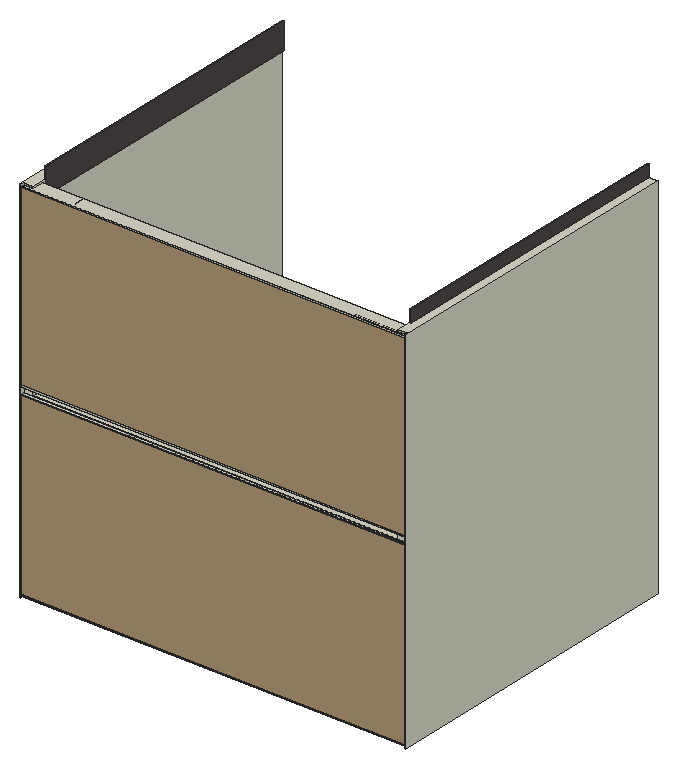
Revit family "vanity unit-hansgrohe-54176XXX-Xevolos E Vanity unit Sand Matt Beige 580_475 with 2 drawers for washbasin", category Furniture, Revit 2019
Family settings
  OmniClass Number = 23.40.00.00
  OmniClass Title = Equipment and Furnishings
  Work Plane-Based = No
  Always vertical = Yes
  Cut with Voids When Loaded = No
  Shared = Yes
  Room Calculation Point = No
Parameters (values of type "54176390-SAND_MATT_BEIGE-PATTEREND_BRONZE-400")
  etim7_EC011381 = "EC011381"
  WEIGHT = "31.8"
  UNSPSC = "56 | Furniture and Furnishings"
  UNIFORMATII = "E2010 | Fixed Furnishings"
  UNICLASS_2015_CODE = "40_30_78_05"
  UNICLASS2015 = "Pr_40_30_78_05 | Bathroom furniture"
  SURFACE = "PATTEREND_BRONZE"
  REGION = "Worldwide"
  PRODUCTURL = "https://pro.hansgrohe.com/articledetail--54176790"
  PERMALINK = "54176XXX"
  OMNICLASS = "23-21 19 15 33 13 | Residential Bathroom Specialty Casework"
  OBJECTTYPE = "Object (single object)"
  OBERFLAECHE = "SAND_MATT_BEIGE"
  NN = "Vanity unit with 2 drawers for handrinse basin"
  NBSYN = "$ARTNR.-$OBERFLAECHE.-$SURFACE.-$LODLEVEL."
  NB = "54176390-SAND_MATT_BEIGE-PATTEREND_BRONZE-400"
  NAME = "Xevolos E Vanity unit Sand Matt Beige 580/475 with 2 drawers for washbasin"
  Model = "54176390-SAND_MATT_BEIGE-PATTEREND_BRONZE-400"
  Manufacturer = "Hansgrohe"
  MIdent = "{$CADENAS_DATA/23d-libs/hansgrohe/xevolos_furniture/xevolos_vanity_unit_2_drawers_handrinse_basin/vanity_unit_2_drawers_for_handrinse_basin.prj},279 {VTYP=3D},{NB=54176390-SAND_MATT_BEIGE-PATTEREND_BRONZE-400},{LINA=54176390-SAND_MATT_BEIGE-PATTEREND_BRONZE-400},{NN=Vanity unit with 2 drawers for handrinse basin},{DATE=13.03.2023 12:26:32},{GEOMDATE=12.03.2023 06:54:00},{VERSION=},{LINEID=130},{WBVAR=LODLEVEL},{WBNUMERIC=}  {NB=54176390-SAND_MATT_BEIGE-PATTEREND_BRONZE-400},{LINA=54176390-SAND_MATT_BEIGE-PATTEREND_BRONZE-400},{KT=DUMMY},{IDNR=13},{ARTNR=54176390},{BASENUMBER=54176},{MODEL=54176XXX},{OBERFLAECHE=SAND_MATT_BEIGE},{SURFACE=PATTEREND_BRONZE},{L=580},{LODLEVEL=400},{LODLEVELX='400','400','200','200'},{NAME=Xevolos E Vanity unit Sand Matt Beige 580/475 with 2 drawers for washbasin},{PERMALINK=54176XXX},{OBJECTTYPE=Object (single object)},{BIMOBJECT=Sanitary: Compound units},{COLLECTIONSET=Xevolos E},{COLLECTION=vanity unit},{WEIGHT=31.8},{DESCRIPTION=Xevolos E Vanity unit Sand Matt Beige 580/475 with 2 drawers for washbasin},{PRODUCTURL=https://pro.hansgrohe.com/articledetail--54176790},{GTINCODE=0},{TENDERURL=0},{IFC=Furnishing element},{ETIM=EC011381 | Bathroom furniture set},{UNICLASS2015=Pr_40_30_78_05 | Bathroom furniture},{OMNICLASS=23-21 19 15 33 13 | Residential Bathroom Specialty Casework},{MASTERFORMAT=12 35 30.23 | Bathroom Casework},{UNSPSC=56 | Furniture and Furnishings},{UNIFORMATII=E2010 | Fixed Furnishings},{REGION=Worldwide},{DESIGN=Germany},{MANUFACTURER=Germany}"
  MASTERFORMAT = "12 35 30.23 | Bathroom Casework"
  LODLEVEL = "400"
  LINA = "54176390-SAND_MATT_BEIGE-PATTEREND_BRONZE-400"
  L = 580
  IFC = "Furnishing element"
  IDNR = 13
  ETIM = "EC011381 | Bathroom furniture set"
  DESIGN = "Germany"
  COLLECTIONSET = "Xevolos E"
  COLLECTION = "vanity unit"
  CATALOG = "Hansgrohe"
  BIMOBJECT = "Sanitary: Compound units"
  BASENUMBER = "54176"
  ARTNR = "54176390"
  54176790-SAND_MATT_BEIGE-METALLIC_SAND_BEIGE-400_RX0RY0RZ0TX0TY0TZ0_V = no
  54176790-SAND_MATT_BEIGE-METALLIC_SAND_BEIGE-200_RX0RY0RZ0TX0TY0TZ0_V = no
  54176730-SAND_MATT_BEIGE-DARK_OAK-400_RX0RY0RZ0TX0TY0TZ0_V = no
  54176730-SAND_MATT_BEIGE-DARK_OAK-200_RX0RY0RZ0TX0TY0TZ0_V = no
  54176390-SAND_MATT_BEIGE-PATTEREND_BRONZE-400_RX0RY0RZ0TX0TY0TZ0_V = yes
  54176390-SAND_MATT_BEIGE-PATTEREND_BRONZE-200_RX0RY0RZ0TX0TY0TZ0_V = no
Types (6, lengths in mm): name | SURFACE | NB | Model | MIdent | LODLEVEL | LINA | IDNR | ARTNR | 54176790-SAND_MATT_BEIGE-METALLIC_SAND_BEIGE-400_RX0RY0RZ0TX0TY0TZ0_V | 54176790-SAND_MATT_BEIGE-METALLIC_SAND_BEIGE-200_RX0RY0RZ0TX0TY0TZ0_V | 54176730-SAND_MATT_BEIGE-DARK_OAK-400_RX0RY0RZ0TX0TY0TZ0_V | 54176730-SAND_MATT_BEIGE-DARK_OAK-200_RX0RY0RZ0TX0TY0TZ0_V | 54176390-SAND_MATT_BEIGE-PATTEREND_BRONZE-400_RX0RY0RZ0TX0TY0TZ0_V | 54176390-SAND_MATT_BEIGE-PATTEREND_BRONZE-200_RX0RY0RZ0TX0TY0TZ0_V
  54176390-SAND_MATT_BEIGE-PATTEREND_BRONZE-200 | "PATTEREND_BRONZE" | "54176390-SAND_MATT_BEIGE-PATTEREND_BRONZE-200" | "54176390-SAND_MATT_BEIGE-PATTEREND_BRONZE-200" | "{$CADENAS_DATA/23d-libs/hansgrohe/xevolos_furniture/xevolos_vanity_unit_2_drawers_handrinse_basin/vanity_unit_2_drawers_for_handrinse_basin.prj},279 {VTYP=3D},{NB=54176390-SAND_MATT_BEIGE-PATTEREND_BRONZE-200},{LINA=54176390-SAND_MATT_BEIGE-PATTEREND_BRONZE-200},{NN=Vanity unit with 2 drawers for handrinse basin},{DATE=13.03.2023 12:26:32},{GEOMDATE=12.03.2023 06:54:00},{VERSION=},{LINEID=130},{WBVAR=LODLEVEL},{WBNUMERIC=}  {NB=54176390-SAND_MATT_BEIGE-PATTEREND_BRONZE-200},{LINA=54176390-SAND_MATT_BEIGE-PATTEREND_BRONZE-200},{KT=DUMMY},{IDNR=13},{ARTNR=54176390},{BASENUMBER=54176},{MODEL=54176XXX},{OBERFLAECHE=SAND_MATT_BEIGE},{SURFACE=PATTEREND_BRONZE},{L=580},{LODLEVEL=200},{LODLEVELX='400','400','200','200'},{NAME=Xevolos E Vanity unit Sand Matt Beige 580/475 with 2 drawers for washbasin},{PERMALINK=54176XXX},{OBJECTTYPE=Object (single object)},{BIMOBJECT=Sanitary: Compound units},{COLLECTIONSET=Xevolos E},{COLLECTION=vanity unit},{WEIGHT=31.8},{DESCRIPTION=Xevolos E Vanity unit Sand Matt Beige 580/475 with 2 drawers for washbasin},{PRODUCTURL=https://pro.hansgrohe.com/articledetail--54176790},{GTINCODE=0},{TENDERURL=0},{IFC=Furnishing element},{ETIM=EC011381 | Bathroom furniture set},{UNICLASS2015=Pr_40_30_78_05 | Bathroom furniture},{OMNICLASS=23-21 19 15 33 13 | Residential Bathroom Specialty Casework},{MASTERFORMAT=12 35 30.23 | Bathroom Casework},{UNSPSC=56 | Furniture and Furnishings},{UNIFORMATII=E2010 | Fixed Furnishings},{REGION=Worldwide},{DESIGN=Germany},{MANUFACTURER=Germany}" | "200" | "54176390-SAND_MATT_BEIGE-PATTEREND_BRONZE-200" | 13 | "54176390" | no | no | no | no | no | yes
  54176390-SAND_MATT_BEIGE-PATTEREND_BRONZE-400 | "PATTEREND_BRONZE" | "54176390-SAND_MATT_BEIGE-PATTEREND_BRONZE-400" | "54176390-SAND_MATT_BEIGE-PATTEREND_BRONZE-400" | "{$CADENAS_DATA/23d-libs/hansgrohe/xevolos_furniture/xevolos_vanity_unit_2_drawers_handrinse_basin/vanity_unit_2_drawers_for_handrinse_basin.prj},279 {VTYP=3D},{NB=54176390-SAND_MATT_BEIGE-PATTEREND_BRONZE-400},{LINA=54176390-SAND_MATT_BEIGE-PATTEREND_BRONZE-400},{NN=Vanity unit with 2 drawers for handrinse basin},{DATE=13.03.2023 12:26:32},{GEOMDATE=12.03.2023 06:54:00},{VERSION=},{LINEID=130},{WBVAR=LODLEVEL},{WBNUMERIC=}  {NB=54176390-SAND_MATT_BEIGE-PATTEREND_BRONZE-400},{LINA=54176390-SAND_MATT_BEIGE-PATTEREND_BRONZE-400},{KT=DUMMY},{IDNR=13},{ARTNR=54176390},{BASENUMBER=54176},{MODEL=54176XXX},{OBERFLAECHE=SAND_MATT_BEIGE},{SURFACE=PATTEREND_BRONZE},{L=580},{LODLEVEL=400},{LODLEVELX='400','400','200','200'},{NAME=Xevolos E Vanity unit Sand Matt Beige 580/475 with 2 drawers for washbasin},{PERMALINK=54176XXX},{OBJECTTYPE=Object (single object)},{BIMOBJECT=Sanitary: Compound units},{COLLECTIONSET=Xevolos E},{COLLECTION=vanity unit},{WEIGHT=31.8},{DESCRIPTION=Xevolos E Vanity unit Sand Matt Beige 580/475 with 2 drawers for washbasin},{PRODUCTURL=https://pro.hansgrohe.com/articledetail--54176790},{GTINCODE=0},{TENDERURL=0},{IFC=Furnishing element},{ETIM=EC011381 | Bathroom furniture set},{UNICLASS2015=Pr_40_30_78_05 | Bathroom furniture},{OMNICLASS=23-21 19 15 33 13 | Residential Bathroom Specialty Casework},{MASTERFORMAT=12 35 30.23 | Bathroom Casework},{UNSPSC=56 | Furniture and Furnishings},{UNIFORMATII=E2010 | Fixed Furnishings},{REGION=Worldwide},{DESIGN=Germany},{MANUFACTURER=Germany}" | "400" | "54176390-SAND_MATT_BEIGE-PATTEREND_BRONZE-400" | 13 | "54176390" | no | no | no | no | yes | no
  54176730-SAND_MATT_BEIGE-DARK_OAK-200 | "DARK_OAK" | "54176730-SAND_MATT_BEIGE-DARK_OAK-200" | "54176730-SAND_MATT_BEIGE-DARK_OAK-200" | "{$CADENAS_DATA/23d-libs/hansgrohe/xevolos_furniture/xevolos_vanity_unit_2_drawers_handrinse_basin/vanity_unit_2_drawers_for_handrinse_basin.prj},263 {VTYP=3D},{NB=54176730-SAND_MATT_BEIGE-DARK_OAK-200},{LINA=54176730-SAND_MATT_BEIGE-DARK_OAK-200},{NN=Vanity unit with 2 drawers for handrinse basin},{DATE=13.03.2023 12:26:32},{GEOMDATE=12.03.2023 06:54:00},{VERSION=},{LINEID=140},{WBVAR=LODLEVEL},{WBNUMERIC=}  {NB=54176730-SAND_MATT_BEIGE-DARK_OAK-200},{LINA=54176730-SAND_MATT_BEIGE-DARK_OAK-200},{KT=DUMMY},{IDNR=14},{ARTNR=54176730},{BASENUMBER=54176},{MODEL=54176XXX},{OBERFLAECHE=SAND_MATT_BEIGE},{SURFACE=DARK_OAK},{L=580},{LODLEVEL=200},{LODLEVELX='400','400','200','200'},{NAME=Xevolos E Vanity unit Sand Matt Beige 580/475 with 2 drawers for washbasin},{PERMALINK=54176XXX},{OBJECTTYPE=Object (single object)},{BIMOBJECT=Sanitary: Compound units},{COLLECTIONSET=Xevolos E},{COLLECTION=vanity unit},{WEIGHT=31.8},{DESCRIPTION=Xevolos E Vanity unit Sand Matt Beige 580/475 with 2 drawers for washbasin},{PRODUCTURL=https://pro.hansgrohe.com/articledetail--54176790},{GTINCODE=0},{TENDERURL=0},{IFC=Furnishing element},{ETIM=EC011381 | Bathroom furniture set},{UNICLASS2015=Pr_40_30_78_05 | Bathroom furniture},{OMNICLASS=23-21 19 15 33 13 | Residential Bathroom Specialty Casework},{MASTERFORMAT=12 35 30.23 | Bathroom Casework},{UNSPSC=56 | Furniture and Furnishings},{UNIFORMATII=E2010 | Fixed Furnishings},{REGION=Worldwide},{DESIGN=Germany},{MANUFACTURER=Germany}" | "200" | "54176730-SAND_MATT_BEIGE-DARK_OAK-200" | 14 | "54176730" | no | no | no | yes | no | no
  54176730-SAND_MATT_BEIGE-DARK_OAK-400 | "DARK_OAK" | "54176730-SAND_MATT_BEIGE-DARK_OAK-400" | "54176730-SAND_MATT_BEIGE-DARK_OAK-400" | "{$CADENAS_DATA/23d-libs/hansgrohe/xevolos_furniture/xevolos_vanity_unit_2_drawers_handrinse_basin/vanity_unit_2_drawers_for_handrinse_basin.prj},263 {VTYP=3D},{NB=54176730-SAND_MATT_BEIGE-DARK_OAK-400},{LINA=54176730-SAND_MATT_BEIGE-DARK_OAK-400},{NN=Vanity unit with 2 drawers for handrinse basin},{DATE=13.03.2023 12:26:32},{GEOMDATE=12.03.2023 06:54:00},{VERSION=},{LINEID=140},{WBVAR=LODLEVEL},{WBNUMERIC=}  {NB=54176730-SAND_MATT_BEIGE-DARK_OAK-400},{LINA=54176730-SAND_MATT_BEIGE-DARK_OAK-400},{KT=DUMMY},{IDNR=14},{ARTNR=54176730},{BASENUMBER=54176},{MODEL=54176XXX},{OBERFLAECHE=SAND_MATT_BEIGE},{SURFACE=DARK_OAK},{L=580},{LODLEVEL=400},{LODLEVELX='400','400','200','200'},{NAME=Xevolos E Vanity unit Sand Matt Beige 580/475 with 2 drawers for washbasin},{PERMALINK=54176XXX},{OBJECTTYPE=Object (single object)},{BIMOBJECT=Sanitary: Compound units},{COLLECTIONSET=Xevolos E},{COLLECTION=vanity unit},{WEIGHT=31.8},{DESCRIPTION=Xevolos E Vanity unit Sand Matt Beige 580/475 with 2 drawers for washbasin},{PRODUCTURL=https://pro.hansgrohe.com/articledetail--54176790},{GTINCODE=0},{TENDERURL=0},{IFC=Furnishing element},{ETIM=EC011381 | Bathroom furniture set},{UNICLASS2015=Pr_40_30_78_05 | Bathroom furniture},{OMNICLASS=23-21 19 15 33 13 | Residential Bathroom Specialty Casework},{MASTERFORMAT=12 35 30.23 | Bathroom Casework},{UNSPSC=56 | Furniture and Furnishings},{UNIFORMATII=E2010 | Fixed Furnishings},{REGION=Worldwide},{DESIGN=Germany},{MANUFACTURER=Germany}" | "400" | "54176730-SAND_MATT_BEIGE-DARK_OAK-400" | 14 | "54176730" | no | no | yes | no | no | no
  54176790-SAND_MATT_BEIGE-METALLIC_SAND_BEIGE-200 | "METALLIC_SAND_BEIGE" | "54176790-SAND_MATT_BEIGE-METALLIC_SAND_BEIGE-200" | "54176790-SAND_MATT_BEIGE-METALLIC_SAND_BEIGE-200" | "{$CADENAS_DATA/23d-libs/hansgrohe/xevolos_furniture/xevolos_vanity_unit_2_drawers_handrinse_basin/vanity_unit_2_drawers_for_handrinse_basin.prj},285 {VTYP=3D},{NB=54176790-SAND_MATT_BEIGE-METALLIC_SAND_BEIGE-200},{LINA=54176790-SAND_MATT_BEIGE-METALLIC_SAND_BEIGE-200},{NN=Vanity unit with 2 drawers for handrinse basin},{DATE=13.03.2023 12:26:32},{GEOMDATE=12.03.2023 06:54:00},{VERSION=},{LINEID=150},{WBVAR=LODLEVEL},{WBNUMERIC=}  {NB=54176790-SAND_MATT_BEIGE-METALLIC_SAND_BEIGE-200},{LINA=54176790-SAND_MATT_BEIGE-METALLIC_SAND_BEIGE-200},{KT=DUMMY},{IDNR=15},{ARTNR=54176790},{BASENUMBER=54176},{MODEL=54176XXX},{OBERFLAECHE=SAND_MATT_BEIGE},{SURFACE=METALLIC_SAND_BEIGE},{L=580},{LODLEVEL=200},{LODLEVELX='400','400','200','200'},{NAME=Xevolos E Vanity unit Sand Matt Beige 580/475 with 2 drawers for washbasin},{PERMALINK=54176XXX},{OBJECTTYPE=Object (single object)},{BIMOBJECT=Sanitary: Compound units},{COLLECTIONSET=Xevolos E},{COLLECTION=vanity unit},{WEIGHT=31.8},{DESCRIPTION=Xevolos E Vanity unit Sand Matt Beige 580/475 with 2 drawers for washbasin},{PRODUCTURL=https://pro.hansgrohe.com/articledetail--54176790},{GTINCODE=0},{TENDERURL=0},{IFC=Furnishing element},{ETIM=EC011381 | Bathroom furniture set},{UNICLASS2015=Pr_40_30_78_05 | Bathroom furniture},{OMNICLASS=23-21 19 15 33 13 | Residential Bathroom Specialty Casework},{MASTERFORMAT=12 35 30.23 | Bathroom Casework},{UNSPSC=56 | Furniture and Furnishings},{UNIFORMATII=E2010 | Fixed Furnishings},{REGION=Worldwide},{DESIGN=Germany},{MANUFACTURER=Germany}" | "200" | "54176790-SAND_MATT_BEIGE-METALLIC_SAND_BEIGE-200" | 15 | "54176790" | no | yes | no | no | no | no
  54176790-SAND_MATT_BEIGE-METALLIC_SAND_BEIGE-400 | "METALLIC_SAND_BEIGE" | "54176790-SAND_MATT_BEIGE-METALLIC_SAND_BEIGE-400" | "54176790-SAND_MATT_BEIGE-METALLIC_SAND_BEIGE-400" | "{$CADENAS_DATA/23d-libs/hansgrohe/xevolos_furniture/xevolos_vanity_unit_2_drawers_handrinse_basin/vanity_unit_2_drawers_for_handrinse_basin.prj},285 {VTYP=3D},{NB=54176790-SAND_MATT_BEIGE-METALLIC_SAND_BEIGE-400},{LINA=54176790-SAND_MATT_BEIGE-METALLIC_SAND_BEIGE-400},{NN=Vanity unit with 2 drawers for handrinse basin},{DATE=13.03.2023 12:26:32},{GEOMDATE=12.03.2023 06:54:00},{VERSION=},{LINEID=150},{WBVAR=LODLEVEL},{WBNUMERIC=}  {NB=54176790-SAND_MATT_BEIGE-METALLIC_SAND_BEIGE-400},{LINA=54176790-SAND_MATT_BEIGE-METALLIC_SAND_BEIGE-400},{KT=DUMMY},{IDNR=15},{ARTNR=54176790},{BASENUMBER=54176},{MODEL=54176XXX},{OBERFLAECHE=SAND_MATT_BEIGE},{SURFACE=METALLIC_SAND_BEIGE},{L=580},{LODLEVEL=400},{LODLEVELX='400','400','200','200'},{NAME=Xevolos E Vanity unit Sand Matt Beige 580/475 with 2 drawers for washbasin},{PERMALINK=54176XXX},{OBJECTTYPE=Object (single object)},{BIMOBJECT=Sanitary: Compound units},{COLLECTIONSET=Xevolos E},{COLLECTION=vanity unit},{WEIGHT=31.8},{DESCRIPTION=Xevolos E Vanity unit Sand Matt Beige 580/475 with 2 drawers for washbasin},{PRODUCTURL=https://pro.hansgrohe.com/articledetail--54176790},{GTINCODE=0},{TENDERURL=0},{IFC=Furnishing element},{ETIM=EC011381 | Bathroom furniture set},{UNICLASS2015=Pr_40_30_78_05 | Bathroom furniture},{OMNICLASS=23-21 19 15 33 13 | Residential Bathroom Specialty Casework},{MASTERFORMAT=12 35 30.23 | Bathroom Casework},{UNSPSC=56 | Furniture and Furnishings},{UNIFORMATII=E2010 | Fixed Furnishings},{REGION=Worldwide},{DESIGN=Germany},{MANUFACTURER=Germany}" | "400" | "54176790-SAND_MATT_BEIGE-METALLIC_SAND_BEIGE-400" | 15 | "54176790" | yes | no | no | no | no | no
Reference planes
  plane 1 "Center (Front/Back)": y = 0
  plane 2: z = 0
  plane 3 "Center (Left/Right)": x = 0
Dimensions and locks
  aligned and locked: level to plane 2
Nested families
  nested 1: "54176390-sand_matt_beige-patterend_bronze-200_content" at (0, 0, 0), visible <- "54176390-SAND_MATT_BEIGE-PATTEREND_BRONZE-200_RX0RY0RZ0TX0TY0TZ0_V", ContentVisible <- "54176390-SAND_MATT_BEIGE-PATTEREND_BRONZE-200_RX0RY0RZ0TX0TY0TZ0_V", type "54176390-SAND_MATT_BEIGE-PATTEREND_BRONZE-200_Content"
    with ContentVisible no
  nested 2: "54176390-sand_matt_beige-patterend_bronze-400_content" at (0, 0, 0), visible <- "54176390-SAND_MATT_BEIGE-PATTEREND_BRONZE-400_RX0RY0RZ0TX0TY0TZ0_V", ContentVisible <- "54176390-SAND_MATT_BEIGE-PATTEREND_BRONZE-400_RX0RY0RZ0TX0TY0TZ0_V", type "54176390-SAND_MATT_BEIGE-PATTEREND_BRONZE-400_Content"
    with ContentVisible yes
  nested 3: "54176730-sand_matt_beige-dark_oak-200_content" at (0, 0, 0), visible <- "54176730-SAND_MATT_BEIGE-DARK_OAK-200_RX0RY0RZ0TX0TY0TZ0_V", ContentVisible <- "54176730-SAND_MATT_BEIGE-DARK_OAK-200_RX0RY0RZ0TX0TY0TZ0_V", type "54176730-SAND_MATT_BEIGE-DARK_OAK-200_Content"
    with ContentVisible no
  nested 4: "54176730-sand_matt_beige-dark_oak-400_content" at (0, 0, 0), visible <- "54176730-SAND_MATT_BEIGE-DARK_OAK-400_RX0RY0RZ0TX0TY0TZ0_V", ContentVisible <- "54176730-SAND_MATT_BEIGE-DARK_OAK-400_RX0RY0RZ0TX0TY0TZ0_V", type "54176730-SAND_MATT_BEIGE-DARK_OAK-400_Content"
    with ContentVisible no
  nested 5: "54176790-sand_matt_beige-metallic_sand_beige-200_content" at (0, 0, 0), visible <- "54176790-SAND_MATT_BEIGE-METALLIC_SAND_BEIGE-200_RX0RY0RZ0TX0TY0TZ0_V", ContentVisible <- "54176790-SAND_MATT_BEIGE-METALLIC_SAND_BEIGE-200_RX0RY0RZ0TX0TY0TZ0_V", type "54176790-SAND_MATT_BEIGE-METALLIC_SAND_BEIGE-200_Content"
    with ContentVisible no
  nested 6: "54176790-sand_matt_beige-metallic_sand_beige-400_content" at (0, 0, 0), visible <- "54176790-SAND_MATT_BEIGE-METALLIC_SAND_BEIGE-400_RX0RY0RZ0TX0TY0TZ0_V", ContentVisible <- "54176790-SAND_MATT_BEIGE-METALLIC_SAND_BEIGE-400_RX0RY0RZ0TX0TY0TZ0_V", type "54176790-SAND_MATT_BEIGE-METALLIC_SAND_BEIGE-400_Content"
    with ContentVisible no
Definition of nested family "54176390-sand_matt_beige-patterend_bronze-400_content"
  Parameters (values of type "54176390-SAND_MATT_BEIGE-PATTEREND_BRONZE-400_Content")
    etim7_EC011381 = "EC011381"
    WEIGHT = "31.8"
    UNSPSC = "56 | Furniture and Furnishings"
    UNIFORMATII = "E2010 | Fixed Furnishings"
    UNICLASS_2015_CODE = "40_30_78_05"
    UNICLASS2015 = "Pr_40_30_78_05 | Bathroom furniture"
    SURFACE = "PATTEREND_BRONZE"
    REGION = "Worldwide"
    PRODUCTURL = "https://pro.hansgrohe.com/articledetail--54176790"
    PERMALINK = "54176XXX"
    OMNICLASS = "23-21 19 15 33 13 | Residential Bathroom Specialty Casework"
    OBJECTTYPE = "Object (single object)"
    OBERFLAECHE = "SAND_MATT_BEIGE"
    NN = "Vanity unit with 2 drawers for handrinse basin"
    NBSYN = "$ARTNR.-$OBERFLAECHE.-$SURFACE.-$LODLEVEL."
    NB = "54176390-SAND_MATT_BEIGE-PATTEREND_BRONZE-400"
    NAME = "Xevolos E Vanity unit Sand Matt Beige 580/475 with 2 drawers for washbasin"
    Model = "54176390-SAND_MATT_BEIGE-PATTEREND_BRONZE-400"
    Manufacturer = "Hansgrohe"
    MASTERFORMAT = "12 35 30.23 | Bathroom Casework"
    LODLEVEL = "400"
    LINA = "54176390-SAND_MATT_BEIGE-PATTEREND_BRONZE-400"
    L = 580
    IFC = "Furnishing element"
    IDNR = 13
    ETIM = "EC011381 | Bathroom furniture set"
    Default Elevation = 1219.2 mm
    DESIGN = "Germany"
    ContentVisible [instance] = yes
    COLLECTIONSET = "Xevolos E"
    COLLECTION = "vanity unit"
    CATALOG = "Hansgrohe"
    BIMOBJECT = "Sanitary: Compound units"
    BASENUMBER = "54176"
    ARTNR = "54176390"
  Reference planes
    plane 1 "Center (Front/Back)": y = 0
    plane 2: z = 0
    plane 3 "Center (Left/Right)": x = 0
  Forms (mm)
    Extrusion 1, solid, visible <- "ContentVisible", detail levels medium+fine
      sketch origin (0, 0, 0) x (1, 0, 0) y (0, 1, 0)
        loop
          line (-290, 0) -> (-290, -472.3) -> (-288, -472.3) -> (-288, -468.3) -> (-274, -468.3) -> (-274, 0) -> (-290, 0)
      from 0 to 556
    Extrusion 2, solid, visible <- "ContentVisible", detail levels medium+fine
      sketch origin (0, 0, 0) x (1, 0, 0) y (0, 1, 0)
        loop
          line (-274, -79) -> (-274, -445.5) -> (274, -445.5) -> (274, -79) -> (-274, -79)
      from 0 to 16
    Extrusion 3, solid, visible <- "ContentVisible", detail levels medium+fine
      sketch origin (0, 0, 0) x (1, 0, 0) y (0, 1, 0)
        loop
          line (274, 0) -> (274, -468.3) -> (288, -468.3) -> (288, -472.3) -> (290, -472.3) -> (290, 0) -> (274, 0)
      from 0 to 556
    Extrusion 4, solid, visible <- "ContentVisible", detail levels medium+fine
      sketch origin (0, 0, 0.5) x (1, 0, 0) y (0, 1, 0)
        loop
          line (-274, -63) -> (-274, -79) -> (274, -79) -> (274, -63) -> (-274, -63)
      from 0 to 126
    Extrusion 5, solid, visible <- "ContentVisible", detail levels medium+fine
      sketch origin (0, 0, 2) x (1, 0, 0) y (0, 1, 0)
        loop
          line (-288, -451) -> (-288, -472.3) -> (288, -472.3) -> (288, -451) -> (-288, -451)
      from 0 to 2
    Extrusion 6, solid, visible <- "ContentVisible", detail levels medium+fine
      sketch origin (0, 0, 554) x (1, 0, 0) y (0, 1, 0)
        loop
          line (-288, -451) -> (-288, -472.3) -> (288, -472.3) -> (288, -451) -> (-288, -451)
      from -2 to 0
    Extrusion 7, solid, visible <- "ContentVisible", detail levels medium+fine
      sketch origin (0, -468.3, 0) x (1, 0, 0) y (0, 0, -1)
        loop
          line (-288, -272.5) -> (288, -272.5) -> (288, -4.5) -> (-288, -4.5) -> (-288, -272.5)
      from -4 to 0
    Extrusion 8, solid, visible <- "ContentVisible", detail levels medium+fine
      sketch origin (0, -468.3, 0) x (1, 0, 0) y (0, 0, -1)
        loop
          line (-288, -553.5) -> (288, -553.5) -> (288, -285.5) -> (-288, -285.5) -> (-288, -553.5)
      from -4 to 0
    Extrusion 9, solid, visible <- "ContentVisible", detail levels medium+fine
      sketch origin (0, 0, 272.5) x (1, 0, 0) y (0, 1, 0)
        loop
          line (-288, -451) -> (-288, -472.3) -> (288, -472.3) -> (288, -451) -> (-288, -451)
      from 0 to 2
    Extrusion 10, solid, visible <- "ContentVisible", detail levels medium+fine
      sketch origin (0, 0, 285.5) x (1, 0, 0) y (0, 1, 0)
        loop
          line (-288, -451) -> (-288, -472.3) -> (288, -472.3) -> (288, -451) -> (-288, -451)
      from -2 to 0
    Extrusion 11, solid, visible <- "ContentVisible", detail levels medium+fine
      sketch origin (0, -468.3, 0) x (1, 0, 0) y (0, 0, -1)
        loop
          line (-288, -274.5) -> (288, -274.5) -> (288, -4.5) -> (-288, -4.5) -> (-288, -274.5)
        loop
          line (-214, -78) -> (-214, -272.5) -> (214, -272.5) -> (214, -78) -> (-214, -78)
      from 0 to 17
    Extrusion 12, solid, visible <- "ContentVisible", detail levels medium+fine
      sketch origin (0, -468.3, 0) x (1, 0, 0) y (0, 0, -1)
        loop
          line (-288, -553.5) -> (-212, -553.5) -> (-212, -361.5) -> (212, -361.5) -> (212, -553.5) -> (288, -553.5) -> (288, -285.5) -> (-288, -285.5) -> (-288, -553.5)
      from 0 to 17
    Extrusion 13, solid, visible <- "ContentVisible", detail levels medium+fine
      sketch origin (-274, 0, 0) x (0, 0, -1) y (0, 1, 0)
        loop
          line (-574, 0) -> (-574, -446) -> (-534, -446) -> (-534, 0) -> (-574, 0)
      from 0 to 2
    Extrusion 14, solid, visible <- "ContentVisible", detail levels medium+fine
      sketch origin (274, 0, 0) x (0, 0, -1) y (0, 1, 0)
        loop
          line (-574, 0) -> (-574, -446) -> (-534, -446) -> (-534, 0) -> (-574, 0)
      from 0 to 2
    Extrusion 15, solid, visible <- "ContentVisible", detail levels medium+fine
      sketch origin (0, 0, 0) x (0, 0, -1) y (0, 1, 0)
        loop
          line (-285, -319.5) -> (-285, -444) -> (-269, -444) -> (-269, -319.5) -> (-285, -319.5)
      from -274 to 274
    Extrusion 16, solid, visible <- "ContentVisible", detail levels coarse
      sketch origin (0, -236.15, 0) x (1, 0, 0) y (0, 1, 0)
        loop
          line (-290, -236.15) -> (290, -236.15) -> (290, 236.15) -> (-290, 236.15) -> (-290, -236.15)
      from 0 to 574
  Dimensions and locks
    aligned and locked: level to plane 2
Definition of nested family "54176390-sand_matt_beige-patterend_bronze-200_content"
  Parameters (values of type "54176390-SAND_MATT_BEIGE-PATTEREND_BRONZE-200_Content")
    etim7_EC011381 = "EC011381"
    WEIGHT = "31.8"
    UNSPSC = "56 | Furniture and Furnishings"
    UNIFORMATII = "E2010 | Fixed Furnishings"
    UNICLASS_2015_CODE = "40_30_78_05"
    UNICLASS2015 = "Pr_40_30_78_05 | Bathroom furniture"
    SURFACE = "PATTEREND_BRONZE"
    REGION = "Worldwide"
    PRODUCTURL = "https://pro.hansgrohe.com/articledetail--54176790"
    PERMALINK = "54176XXX"
    OMNICLASS = "23-21 19 15 33 13 | Residential Bathroom Specialty Casework"
    OBJECTTYPE = "Object (single object)"
    OBERFLAECHE = "SAND_MATT_BEIGE"
    NN = "Vanity unit with 2 drawers for handrinse basin"
    NBSYN = "$ARTNR.-$OBERFLAECHE.-$SURFACE.-$LODLEVEL."
    NB = "54176390-SAND_MATT_BEIGE-PATTEREND_BRONZE-200"
    NAME = "Xevolos E Vanity unit Sand Matt Beige 580/475 with 2 drawers for washbasin"
    Model = "54176390-SAND_MATT_BEIGE-PATTEREND_BRONZE-200"
    Manufacturer = "Hansgrohe"
    MASTERFORMAT = "12 35 30.23 | Bathroom Casework"
    LODLEVEL = "200"
    LINA = "54176390-SAND_MATT_BEIGE-PATTEREND_BRONZE-200"
    L = 580
    IFC = "Furnishing element"
    IDNR = 13
    ETIM = "EC011381 | Bathroom furniture set"
    Default Elevation = 1219.2 mm
    DESIGN = "Germany"
    ContentVisible [instance] = yes
    COLLECTIONSET = "Xevolos E"
    COLLECTION = "vanity unit"
    CATALOG = "Hansgrohe"
    BIMOBJECT = "Sanitary: Compound units"
    BASENUMBER = "54176"
    ARTNR = "54176390"
  Reference planes
    plane 1 "Center (Front/Back)": y = 0
    plane 2: z = 0
    plane 3 "Center (Left/Right)": x = 0
  Forms (mm)
    Extrusion 1, solid, visible <- "ContentVisible", detail levels medium+fine
      sketch origin (0, 0, 0) x (1, 0, 0) y (0, 1, 0)
        loop
          line (-290, 0) -> (-290, -468.3) -> (290, -468.3) -> (290, 0) -> (-290, 0)
      from 0 to 556
    Extrusion 2, solid, visible <- "ContentVisible", detail levels medium+fine
      sketch origin (0, -468.3, 0) x (1, 0, 0) y (0, 0, -1)
        loop
          line (-290, -278) -> (-288, -278) -> (-288, -4) -> (288, -4) -> (288, -278) -> (290, -278) -> (290, -2) -> (-290, -2) -> (-290, -278)
      from -4 to 0
    Extrusion 3, solid, visible <- "ContentVisible", detail levels medium+fine
      sketch origin (0, -468.3, 0) x (1, 0, 0) y (0, 0, -1)
        loop
          line (-290, -278) -> (-290, -554) -> (290, -554) -> (290, -278) -> (288, -278) -> (288, -552) -> (-288, -552) -> (-288, -278) -> (-290, -278)
      from -4 to 0
    Extrusion 4, solid, visible <- "ContentVisible", detail levels medium+fine
      sketch origin (0, -468.3, 0) x (1, 0, 0) y (0, 0, -1)
        loop
          line (-288, -272.5) -> (288, -272.5) -> (288, -4.5) -> (-288, -4.5) -> (-288, -272.5)
      from -4 to 0
    Extrusion 5, solid, visible <- "ContentVisible", detail levels medium+fine
      sketch origin (0, -468.3, 0) x (1, 0, 0) y (0, 0, -1)
        loop
          line (-288, -553.5) -> (288, -553.5) -> (288, -285.5) -> (-288, -285.5) -> (-288, -553.5)
      from -4 to 0
    Extrusion 6, solid, visible <- "ContentVisible", detail levels medium+fine
      sketch origin (-274, 0, 0) x (0, 0, -1) y (0, 1, 0)
        loop
          line (-574, 0) -> (-574, -446) -> (-534, -446) -> (-534, 0) -> (-574, 0)
      from 0 to 2
    Extrusion 7, solid, visible <- "ContentVisible", detail levels medium+fine
      sketch origin (274, 0, 0) x (0, 0, -1) y (0, 1, 0)
        loop
          line (-574, 0) -> (-574, -446) -> (-534, -446) -> (-534, 0) -> (-574, 0)
      from 0 to 2
    Extrusion 8, solid, visible <- "ContentVisible", detail levels coarse
      sketch origin (0, -236.15, 0) x (1, 0, 0) y (0, 1, 0)
        loop
          line (-290, -236.15) -> (290, -236.15) -> (290, 236.15) -> (-290, 236.15) -> (-290, -236.15)
      from 0 to 574
  Dimensions and locks
    aligned and locked: level to plane 2
Definition of nested family "54176730-sand_matt_beige-dark_oak-200_content"
  Parameters (values of type "54176730-SAND_MATT_BEIGE-DARK_OAK-200_Content")
    etim7_EC011381 = "EC011381"
    WEIGHT = "31.8"
    UNSPSC = "56 | Furniture and Furnishings"
    UNIFORMATII = "E2010 | Fixed Furnishings"
    UNICLASS_2015_CODE = "40_30_78_05"
    UNICLASS2015 = "Pr_40_30_78_05 | Bathroom furniture"
    SURFACE = "DARK_OAK"
    REGION = "Worldwide"
    PRODUCTURL = "https://pro.hansgrohe.com/articledetail--54176790"
    PERMALINK = "54176XXX"
    OMNICLASS = "23-21 19 15 33 13 | Residential Bathroom Specialty Casework"
    OBJECTTYPE = "Object (single object)"
    OBERFLAECHE = "SAND_MATT_BEIGE"
    NN = "Vanity unit with 2 drawers for handrinse basin"
    NBSYN = "$ARTNR.-$OBERFLAECHE.-$SURFACE.-$LODLEVEL."
    NB = "54176730-SAND_MATT_BEIGE-DARK_OAK-200"
    NAME = "Xevolos E Vanity unit Sand Matt Beige 580/475 with 2 drawers for washbasin"
    Model = "54176730-SAND_MATT_BEIGE-DARK_OAK-200"
    Manufacturer = "Hansgrohe"
    MASTERFORMAT = "12 35 30.23 | Bathroom Casework"
    LODLEVEL = "200"
    LINA = "54176730-SAND_MATT_BEIGE-DARK_OAK-200"
    L = 580
    IFC = "Furnishing element"
    IDNR = 14
    ETIM = "EC011381 | Bathroom furniture set"
    Default Elevation = 1219.2 mm
    DESIGN = "Germany"
    ContentVisible [instance] = yes
    COLLECTIONSET = "Xevolos E"
    COLLECTION = "vanity unit"
    CATALOG = "Hansgrohe"
    BIMOBJECT = "Sanitary: Compound units"
    BASENUMBER = "54176"
    ARTNR = "54176730"
  Reference planes
    plane 1 "Center (Front/Back)": y = 0
    plane 2: z = 0
    plane 3 "Center (Left/Right)": x = 0
  Forms (mm)
    Extrusion 1, solid, visible <- "ContentVisible", detail levels medium+fine
      sketch origin (0, 0, 0) x (1, 0, 0) y (0, 1, 0)
        loop
          line (-290, 0) -> (-290, -468.3) -> (290, -468.3) -> (290, 0) -> (-290, 0)
      from 0 to 556
    Extrusion 2, solid, visible <- "ContentVisible", detail levels medium+fine
      sketch origin (0, -468.3, 0) x (1, 0, 0) y (0, 0, -1)
        loop
          line (-290, -278) -> (-288, -278) -> (-288, -4) -> (288, -4) -> (288, -278) -> (290, -278) -> (290, -2) -> (-290, -2) -> (-290, -278)
      from -4 to 0
    Extrusion 3, solid, visible <- "ContentVisible", detail levels medium+fine
      sketch origin (0, -468.3, 0) x (1, 0, 0) y (0, 0, -1)
        loop
          line (-290, -278) -> (-290, -554) -> (290, -554) -> (290, -278) -> (288, -278) -> (288, -552) -> (-288, -552) -> (-288, -278) -> (-290, -278)
      from -4 to 0
    Extrusion 4, solid, visible <- "ContentVisible", detail levels medium+fine
      sketch origin (0, -468.3, 0) x (1, 0, 0) y (0, 0, -1)
        loop
          line (-288, -272.5) -> (288, -272.5) -> (288, -4.5) -> (-288, -4.5) -> (-288, -272.5)
      from -4 to 0
    Extrusion 5, solid, visible <- "ContentVisible", detail levels medium+fine
      sketch origin (0, -468.3, 0) x (1, 0, 0) y (0, 0, -1)
        loop
          line (-288, -553.5) -> (288, -553.5) -> (288, -285.5) -> (-288, -285.5) -> (-288, -553.5)
      from -4 to 0
    Extrusion 6, solid, visible <- "ContentVisible", detail levels medium+fine
      sketch origin (-274, 0, 0) x (0, 0, -1) y (0, 1, 0)
        loop
          line (-574, 0) -> (-574, -446) -> (-534, -446) -> (-534, 0) -> (-574, 0)
      from 0 to 2
    Extrusion 7, solid, visible <- "ContentVisible", detail levels medium+fine
      sketch origin (274, 0, 0) x (0, 0, -1) y (0, 1, 0)
        loop
          line (-574, 0) -> (-574, -446) -> (-534, -446) -> (-534, 0) -> (-574, 0)
      from 0 to 2
    Extrusion 8, solid, visible <- "ContentVisible", detail levels coarse
      sketch origin (0, -236.15, 0) x (1, 0, 0) y (0, 1, 0)
        loop
          line (-290, -236.15) -> (290, -236.15) -> (290, 236.15) -> (-290, 236.15) -> (-290, -236.15)
      from 0 to 574
  Dimensions and locks
    aligned and locked: level to plane 2
Definition of nested family "54176730-sand_matt_beige-dark_oak-400_content"
  Parameters (values of type "54176730-SAND_MATT_BEIGE-DARK_OAK-400_Content")
    etim7_EC011381 = "EC011381"
    WEIGHT = "31.8"
    UNSPSC = "56 | Furniture and Furnishings"
    UNIFORMATII = "E2010 | Fixed Furnishings"
    UNICLASS_2015_CODE = "40_30_78_05"
    UNICLASS2015 = "Pr_40_30_78_05 | Bathroom furniture"
    SURFACE = "DARK_OAK"
    REGION = "Worldwide"
    PRODUCTURL = "https://pro.hansgrohe.com/articledetail--54176790"
    PERMALINK = "54176XXX"
    OMNICLASS = "23-21 19 15 33 13 | Residential Bathroom Specialty Casework"
    OBJECTTYPE = "Object (single object)"
    OBERFLAECHE = "SAND_MATT_BEIGE"
    NN = "Vanity unit with 2 drawers for handrinse basin"
    NBSYN = "$ARTNR.-$OBERFLAECHE.-$SURFACE.-$LODLEVEL."
    NB = "54176730-SAND_MATT_BEIGE-DARK_OAK-400"
    NAME = "Xevolos E Vanity unit Sand Matt Beige 580/475 with 2 drawers for washbasin"
    Model = "54176730-SAND_MATT_BEIGE-DARK_OAK-400"
    Manufacturer = "Hansgrohe"
    MASTERFORMAT = "12 35 30.23 | Bathroom Casework"
    LODLEVEL = "400"
    LINA = "54176730-SAND_MATT_BEIGE-DARK_OAK-400"
    L = 580
    IFC = "Furnishing element"
    IDNR = 14
    ETIM = "EC011381 | Bathroom furniture set"
    Default Elevation = 1219.2 mm
    DESIGN = "Germany"
    ContentVisible [instance] = yes
    COLLECTIONSET = "Xevolos E"
    COLLECTION = "vanity unit"
    CATALOG = "Hansgrohe"
    BIMOBJECT = "Sanitary: Compound units"
    BASENUMBER = "54176"
    ARTNR = "54176730"
  Reference planes
    plane 1 "Center (Front/Back)": y = 0
    plane 2: z = 0
    plane 3 "Center (Left/Right)": x = 0
  Forms (mm)
    Extrusion 1, solid, visible <- "ContentVisible", detail levels medium+fine
      sketch origin (0, 0, 0) x (1, 0, 0) y (0, 1, 0)
        loop
          line (-290, 0) -> (-290, -472.3) -> (-288, -472.3) -> (-288, -468.3) -> (-274, -468.3) -> (-274, 0) -> (-290, 0)
      from 0 to 556
    Extrusion 2, solid, visible <- "ContentVisible", detail levels medium+fine
      sketch origin (0, 0, 0) x (1, 0, 0) y (0, 1, 0)
        loop
          line (-274, -79) -> (-274, -445.5) -> (274, -445.5) -> (274, -79) -> (-274, -79)
      from 0 to 16
    Extrusion 3, solid, visible <- "ContentVisible", detail levels medium+fine
      sketch origin (0, 0, 0) x (1, 0, 0) y (0, 1, 0)
        loop
          line (274, 0) -> (274, -468.3) -> (288, -468.3) -> (288, -472.3) -> (290, -472.3) -> (290, 0) -> (274, 0)
      from 0 to 556
    Extrusion 4, solid, visible <- "ContentVisible", detail levels medium+fine
      sketch origin (0, 0, 0.5) x (1, 0, 0) y (0, 1, 0)
        loop
          line (-274, -63) -> (-274, -79) -> (274, -79) -> (274, -63) -> (-274, -63)
      from 0 to 126
    Extrusion 5, solid, visible <- "ContentVisible", detail levels medium+fine
      sketch origin (0, 0, 2) x (1, 0, 0) y (0, 1, 0)
        loop
          line (-288, -451) -> (-288, -472.3) -> (288, -472.3) -> (288, -451) -> (-288, -451)
      from 0 to 2
    Extrusion 6, solid, visible <- "ContentVisible", detail levels medium+fine
      sketch origin (0, 0, 554) x (1, 0, 0) y (0, 1, 0)
        loop
          line (-288, -451) -> (-288, -472.3) -> (288, -472.3) -> (288, -451) -> (-288, -451)
      from -2 to 0
    Extrusion 7, solid, visible <- "ContentVisible", detail levels medium+fine
      sketch origin (0, -468.3, 0) x (1, 0, 0) y (0, 0, -1)
        loop
          line (-288, -272.5) -> (288, -272.5) -> (288, -4.5) -> (-288, -4.5) -> (-288, -272.5)
      from -4 to 0
    Extrusion 8, solid, visible <- "ContentVisible", detail levels medium+fine
      sketch origin (0, -468.3, 0) x (1, 0, 0) y (0, 0, -1)
        loop
          line (-288, -553.5) -> (288, -553.5) -> (288, -285.5) -> (-288, -285.5) -> (-288, -553.5)
      from -4 to 0
    Extrusion 9, solid, visible <- "ContentVisible", detail levels medium+fine
      sketch origin (0, 0, 272.5) x (1, 0, 0) y (0, 1, 0)
        loop
          line (-288, -451) -> (-288, -472.3) -> (288, -472.3) -> (288, -451) -> (-288, -451)
      from 0 to 2
    Extrusion 10, solid, visible <- "ContentVisible", detail levels medium+fine
      sketch origin (0, 0, 285.5) x (1, 0, 0) y (0, 1, 0)
        loop
          line (-288, -451) -> (-288, -472.3) -> (288, -472.3) -> (288, -451) -> (-288, -451)
      from -2 to 0
    Extrusion 11, solid, visible <- "ContentVisible", detail levels medium+fine
      sketch origin (0, -468.3, 0) x (1, 0, 0) y (0, 0, -1)
        loop
          line (-288, -274.5) -> (288, -274.5) -> (288, -4.5) -> (-288, -4.5) -> (-288, -274.5)
        loop
          line (-214, -78) -> (-214, -272.5) -> (214, -272.5) -> (214, -78) -> (-214, -78)
      from 0 to 17
    Extrusion 12, solid, visible <- "ContentVisible", detail levels medium+fine
      sketch origin (0, -468.3, 0) x (1, 0, 0) y (0, 0, -1)
        loop
          line (-288, -553.5) -> (-212, -553.5) -> (-212, -361.5) -> (212, -361.5) -> (212, -553.5) -> (288, -553.5) -> (288, -285.5) -> (-288, -285.5) -> (-288, -553.5)
      from 0 to 17
    Extrusion 13, solid, visible <- "ContentVisible", detail levels medium+fine
      sketch origin (-274, 0, 0) x (0, 0, -1) y (0, 1, 0)
        loop
          line (-574, 0) -> (-574, -446) -> (-534, -446) -> (-534, 0) -> (-574, 0)
      from 0 to 2
    Extrusion 14, solid, visible <- "ContentVisible", detail levels medium+fine
      sketch origin (274, 0, 0) x (0, 0, -1) y (0, 1, 0)
        loop
          line (-574, 0) -> (-574, -446) -> (-534, -446) -> (-534, 0) -> (-574, 0)
      from 0 to 2
    Extrusion 15, solid, visible <- "ContentVisible", detail levels medium+fine
      sketch origin (0, 0, 0) x (0, 0, -1) y (0, 1, 0)
        loop
          line (-285, -319.5) -> (-285, -444) -> (-269, -444) -> (-269, -319.5) -> (-285, -319.5)
      from -274 to 274
    Extrusion 16, solid, visible <- "ContentVisible", detail levels coarse
      sketch origin (0, -236.15, 0) x (1, 0, 0) y (0, 1, 0)
        loop
          line (-290, -236.15) -> (290, -236.15) -> (290, 236.15) -> (-290, 236.15) -> (-290, -236.15)
      from 0 to 574
  Dimensions and locks
    aligned and locked: level to plane 2
Definition of nested family "54176790-sand_matt_beige-metallic_sand_beige-200_content"
  Parameters (values of type "54176790-SAND_MATT_BEIGE-METALLIC_SAND_BEIGE-200_Content")
    etim7_EC011381 = "EC011381"
    WEIGHT = "31.8"
    UNSPSC = "56 | Furniture and Furnishings"
    UNIFORMATII = "E2010 | Fixed Furnishings"
    UNICLASS_2015_CODE = "40_30_78_05"
    UNICLASS2015 = "Pr_40_30_78_05 | Bathroom furniture"
    SURFACE = "METALLIC_SAND_BEIGE"
    REGION = "Worldwide"
    PRODUCTURL = "https://pro.hansgrohe.com/articledetail--54176790"
    PERMALINK = "54176XXX"
    OMNICLASS = "23-21 19 15 33 13 | Residential Bathroom Specialty Casework"
    OBJECTTYPE = "Object (single object)"
    OBERFLAECHE = "SAND_MATT_BEIGE"
    NN = "Vanity unit with 2 drawers for handrinse basin"
    NBSYN = "$ARTNR.-$OBERFLAECHE.-$SURFACE.-$LODLEVEL."
    NB = "54176790-SAND_MATT_BEIGE-METALLIC_SAND_BEIGE-200"
    NAME = "Xevolos E Vanity unit Sand Matt Beige 580/475 with 2 drawers for washbasin"
    Model = "54176790-SAND_MATT_BEIGE-METALLIC_SAND_BEIGE-200"
    Manufacturer = "Hansgrohe"
    MASTERFORMAT = "12 35 30.23 | Bathroom Casework"
    LODLEVEL = "200"
    LINA = "54176790-SAND_MATT_BEIGE-METALLIC_SAND_BEIGE-200"
    L = 580
    IFC = "Furnishing element"
    IDNR = 15
    ETIM = "EC011381 | Bathroom furniture set"
    Default Elevation = 1219.2 mm
    DESIGN = "Germany"
    ContentVisible [instance] = yes
    COLLECTIONSET = "Xevolos E"
    COLLECTION = "vanity unit"
    CATALOG = "Hansgrohe"
    BIMOBJECT = "Sanitary: Compound units"
    BASENUMBER = "54176"
    ARTNR = "54176790"
  Reference planes
    plane 1 "Center (Front/Back)": y = 0
    plane 2: z = 0
    plane 3 "Center (Left/Right)": x = 0
  Forms (mm)
    Extrusion 1, solid, visible <- "ContentVisible", detail levels medium+fine
      sketch origin (0, 0, 0) x (1, 0, 0) y (0, 1, 0)
        loop
          line (-290, 0) -> (-290, -468.3) -> (290, -468.3) -> (290, 0) -> (-290, 0)
      from 0 to 556
    Extrusion 2, solid, visible <- "ContentVisible", detail levels medium+fine
      sketch origin (0, -468.3, 0) x (1, 0, 0) y (0, 0, -1)
        loop
          line (-290, -278) -> (-288, -278) -> (-288, -4) -> (288, -4) -> (288, -278) -> (290, -278) -> (290, -2) -> (-290, -2) -> (-290, -278)
      from -4 to 0
    Extrusion 3, solid, visible <- "ContentVisible", detail levels medium+fine
      sketch origin (0, -468.3, 0) x (1, 0, 0) y (0, 0, -1)
        loop
          line (-290, -278) -> (-290, -554) -> (290, -554) -> (290, -278) -> (288, -278) -> (288, -552) -> (-288, -552) -> (-288, -278) -> (-290, -278)
      from -4 to 0
    Extrusion 4, solid, visible <- "ContentVisible", detail levels medium+fine
      sketch origin (0, -468.3, 0) x (1, 0, 0) y (0, 0, -1)
        loop
          line (-288, -272.5) -> (288, -272.5) -> (288, -4.5) -> (-288, -4.5) -> (-288, -272.5)
      from -4 to 0
    Extrusion 5, solid, visible <- "ContentVisible", detail levels medium+fine
      sketch origin (0, -468.3, 0) x (1, 0, 0) y (0, 0, -1)
        loop
          line (-288, -553.5) -> (288, -553.5) -> (288, -285.5) -> (-288, -285.5) -> (-288, -553.5)
      from -4 to 0
    Extrusion 6, solid, visible <- "ContentVisible", detail levels medium+fine
      sketch origin (-274, 0, 0) x (0, 0, -1) y (0, 1, 0)
        loop
          line (-574, 0) -> (-574, -446) -> (-534, -446) -> (-534, 0) -> (-574, 0)
      from 0 to 2
    Extrusion 7, solid, visible <- "ContentVisible", detail levels medium+fine
      sketch origin (274, 0, 0) x (0, 0, -1) y (0, 1, 0)
        loop
          line (-574, 0) -> (-574, -446) -> (-534, -446) -> (-534, 0) -> (-574, 0)
      from 0 to 2
    Extrusion 8, solid, visible <- "ContentVisible", detail levels coarse
      sketch origin (0, -236.15, 0) x (1, 0, 0) y (0, 1, 0)
        loop
          line (-290, -236.15) -> (290, -236.15) -> (290, 236.15) -> (-290, 236.15) -> (-290, -236.15)
      from 0 to 574
  Dimensions and locks
    aligned and locked: level to plane 2
Definition of nested family "54176790-sand_matt_beige-metallic_sand_beige-400_content"
  Parameters (values of type "54176790-SAND_MATT_BEIGE-METALLIC_SAND_BEIGE-400_Content")
    etim7_EC011381 = "EC011381"
    WEIGHT = "31.8"
    UNSPSC = "56 | Furniture and Furnishings"
    UNIFORMATII = "E2010 | Fixed Furnishings"
    UNICLASS_2015_CODE = "40_30_78_05"
    UNICLASS2015 = "Pr_40_30_78_05 | Bathroom furniture"
    SURFACE = "METALLIC_SAND_BEIGE"
    REGION = "Worldwide"
    PRODUCTURL = "https://pro.hansgrohe.com/articledetail--54176790"
    PERMALINK = "54176XXX"
    OMNICLASS = "23-21 19 15 33 13 | Residential Bathroom Specialty Casework"
    OBJECTTYPE = "Object (single object)"
    OBERFLAECHE = "SAND_MATT_BEIGE"
    NN = "Vanity unit with 2 drawers for handrinse basin"
    NBSYN = "$ARTNR.-$OBERFLAECHE.-$SURFACE.-$LODLEVEL."
    NB = "54176790-SAND_MATT_BEIGE-METALLIC_SAND_BEIGE-400"
    NAME = "Xevolos E Vanity unit Sand Matt Beige 580/475 with 2 drawers for washbasin"
    Model = "54176790-SAND_MATT_BEIGE-METALLIC_SAND_BEIGE-400"
    Manufacturer = "Hansgrohe"
    MASTERFORMAT = "12 35 30.23 | Bathroom Casework"
    LODLEVEL = "400"
    LINA = "54176790-SAND_MATT_BEIGE-METALLIC_SAND_BEIGE-400"
    L = 580
    IFC = "Furnishing element"
    IDNR = 15
    ETIM = "EC011381 | Bathroom furniture set"
    Default Elevation = 1219.2 mm
    DESIGN = "Germany"
    ContentVisible [instance] = yes
    COLLECTIONSET = "Xevolos E"
    COLLECTION = "vanity unit"
    CATALOG = "Hansgrohe"
    BIMOBJECT = "Sanitary: Compound units"
    BASENUMBER = "54176"
    ARTNR = "54176790"
  Reference planes
    plane 1 "Center (Front/Back)": y = 0
    plane 2: z = 0
    plane 3 "Center (Left/Right)": x = 0
  Forms (mm)
    Extrusion 1, solid, visible <- "ContentVisible", detail levels medium+fine
      sketch origin (0, 0, 0) x (1, 0, 0) y (0, 1, 0)
        loop
          line (-290, 0) -> (-290, -472.3) -> (-288, -472.3) -> (-288, -468.3) -> (-274, -468.3) -> (-274, 0) -> (-290, 0)
      from 0 to 556
    Extrusion 2, solid, visible <- "ContentVisible", detail levels medium+fine
      sketch origin (0, 0, 0) x (1, 0, 0) y (0, 1, 0)
        loop
          line (-274, -79) -> (-274, -445.5) -> (274, -445.5) -> (274, -79) -> (-274, -79)
      from 0 to 16
    Extrusion 3, solid, visible <- "ContentVisible", detail levels medium+fine
      sketch origin (0, 0, 0) x (1, 0, 0) y (0, 1, 0)
        loop
          line (274, 0) -> (274, -468.3) -> (288, -468.3) -> (288, -472.3) -> (290, -472.3) -> (290, 0) -> (274, 0)
      from 0 to 556
    Extrusion 4, solid, visible <- "ContentVisible", detail levels medium+fine
      sketch origin (0, 0, 0.5) x (1, 0, 0) y (0, 1, 0)
        loop
          line (-274, -63) -> (-274, -79) -> (274, -79) -> (274, -63) -> (-274, -63)
      from 0 to 126
    Extrusion 5, solid, visible <- "ContentVisible", detail levels medium+fine
      sketch origin (0, 0, 2) x (1, 0, 0) y (0, 1, 0)
        loop
          line (-288, -451) -> (-288, -472.3) -> (288, -472.3) -> (288, -451) -> (-288, -451)
      from 0 to 2
    Extrusion 6, solid, visible <- "ContentVisible", detail levels medium+fine
      sketch origin (0, 0, 554) x (1, 0, 0) y (0, 1, 0)
        loop
          line (-288, -451) -> (-288, -472.3) -> (288, -472.3) -> (288, -451) -> (-288, -451)
      from -2 to 0
    Extrusion 7, solid, visible <- "ContentVisible", detail levels medium+fine
      sketch origin (0, -468.3, 0) x (1, 0, 0) y (0, 0, -1)
        loop
          line (-288, -272.5) -> (288, -272.5) -> (288, -4.5) -> (-288, -4.5) -> (-288, -272.5)
      from -4 to 0
    Extrusion 8, solid, visible <- "ContentVisible", detail levels medium+fine
      sketch origin (0, -468.3, 0) x (1, 0, 0) y (0, 0, -1)
        loop
          line (-288, -553.5) -> (288, -553.5) -> (288, -285.5) -> (-288, -285.5) -> (-288, -553.5)
      from -4 to 0
    Extrusion 9, solid, visible <- "ContentVisible", detail levels medium+fine
      sketch origin (0, 0, 272.5) x (1, 0, 0) y (0, 1, 0)
        loop
          line (-288, -451) -> (-288, -472.3) -> (288, -472.3) -> (288, -451) -> (-288, -451)
      from 0 to 2
    Extrusion 10, solid, visible <- "ContentVisible", detail levels medium+fine
      sketch origin (0, 0, 285.5) x (1, 0, 0) y (0, 1, 0)
        loop
          line (-288, -451) -> (-288, -472.3) -> (288, -472.3) -> (288, -451) -> (-288, -451)
      from -2 to 0
    Extrusion 11, solid, visible <- "ContentVisible", detail levels medium+fine
      sketch origin (0, -468.3, 0) x (1, 0, 0) y (0, 0, -1)
        loop
          line (-288, -274.5) -> (288, -274.5) -> (288, -4.5) -> (-288, -4.5) -> (-288, -274.5)
        loop
          line (-214, -78) -> (-214, -272.5) -> (214, -272.5) -> (214, -78) -> (-214, -78)
      from 0 to 17
    Extrusion 12, solid, visible <- "ContentVisible", detail levels medium+fine
      sketch origin (0, -468.3, 0) x (1, 0, 0) y (0, 0, -1)
        loop
          line (-288, -553.5) -> (-212, -553.5) -> (-212, -361.5) -> (212, -361.5) -> (212, -553.5) -> (288, -553.5) -> (288, -285.5) -> (-288, -285.5) -> (-288, -553.5)
      from 0 to 17
    Extrusion 13, solid, visible <- "ContentVisible", detail levels medium+fine
      sketch origin (-274, 0, 0) x (0, 0, -1) y (0, 1, 0)
        loop
          line (-574, 0) -> (-574, -446) -> (-534, -446) -> (-534, 0) -> (-574, 0)
      from 0 to 2
    Extrusion 14, solid, visible <- "ContentVisible", detail levels medium+fine
      sketch origin (274, 0, 0) x (0, 0, -1) y (0, 1, 0)
        loop
          line (-574, 0) -> (-574, -446) -> (-534, -446) -> (-534, 0) -> (-574, 0)
      from 0 to 2
    Extrusion 15, solid, visible <- "ContentVisible", detail levels medium+fine
      sketch origin (0, 0, 0) x (0, 0, -1) y (0, 1, 0)
        loop
          line (-285, -319.5) -> (-285, -444) -> (-269, -444) -> (-269, -319.5) -> (-285, -319.5)
      from -274 to 274
    Extrusion 16, solid, visible <- "ContentVisible", detail levels coarse
      sketch origin (0, -236.15, 0) x (1, 0, 0) y (0, 1, 0)
        loop
          line (-290, -236.15) -> (290, -236.15) -> (290, 236.15) -> (-290, 236.15) -> (-290, -236.15)
      from 0 to 574
  Dimensions and locks
    aligned and locked: level to plane 2
